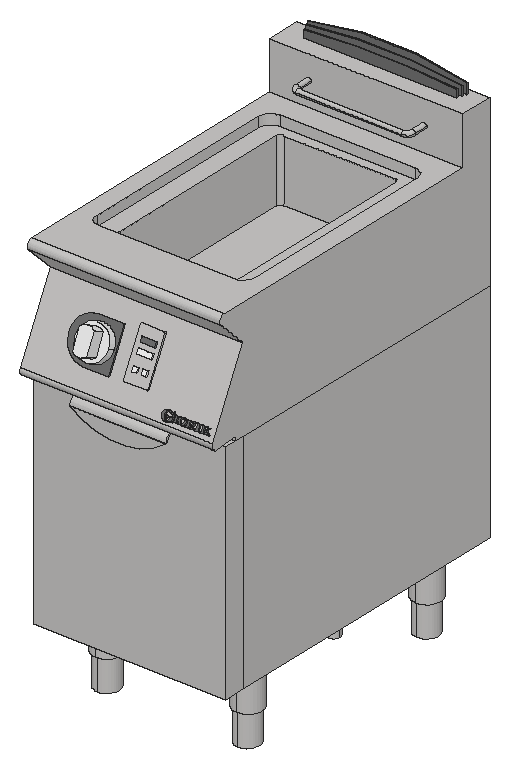
Revit family "QF_GIORIK_FE7117M", category Specialty Equipment, Revit 2014
Parameters (values of type "FE7117M")
  Weight in Pounds = 121.2541
  Watts = 16500 W
  Volts = 400 V
  URL Cutsheet = "www.giorik.com"
  URL = "www.giorik.com"
  Status [instance] = ""
  Specification by User [instance] = ""
  Specification by Manufacturer = ""
  Show Logo [instance] = yes
  Show Clearance [instance] = yes
  Serial Number = ""
  Seismic Rating = ""
  SMACNA No = ""
  Revision Code [instance] = ""
  Phase = 3
  Number of Poles [instance] = 3
  NAFEM Spec ID Number = ""
  Model = "FE7117M"
  Min Ckt Ampacity = 0 A
  Max Overcurrent Protection = 0 A
  Masterspec = ""
  Manufacturer = "GIORIK"
  Item Number [instance] = ""
  Installed By [instance] = ""
  Identify Quantity as Lot [instance] = no
  HP = "22.126830000000"
  Furnished By [instance] = ""
  Foodservice Equipment Identifier [instance] = yes
  FL Amps = 0 A
  Electrical Remarks [instance] = ""
  Electric Connection Type [instance] = ""
  Elec Conn RI Height [instance] = 0 mm
  Elec Conn Connection Height [instance] = 150 mm
  Description = "17 LITRE MELTING ELECTRIC FRYER."
  Cycle = 50 Hz
  Conn Plug = ""
  CSI MasterFormat = ""
  Assembly Code = "E1090320"
  Apparent Power = 16500 VA
Reference planes
  plane 1 "Back": y = 0
  plane 2: z = 0
  plane 3 "Left": x = 0
  plane 4 "Right": x = 400
  plane 5 "Front": y = -720
  plane 6 "Top": z = 900
Forms (mm)
  Extrusion 1, solid, visible <- "Show Logo"
    sketch origin (196.604, -736.761, 609.486) x (-1, 0, 0) y (0, 0.452718, 0.891654)
      loop
        line (-118.824, 58.358) -> (-127.804, 58.358) -> (-125.523, 56.445) -> (-125.523, 48.027) -> (-127.804, 46.113) -> (-118.824, 46.113) -> (-121.105, 48.027) -> (-121.105, 56.445) -> (-118.824, 58.358)
      loop
        line (-163.721, 58.358) -> (-172.7, 58.358) -> (-170.42, 56.445) -> (-170.42, 48.027) -> (-172.7, 46.113) -> (-163.721, 46.113) -> (-166.001, 48.027) -> (-166.001, 56.445) -> (-163.721, 58.358)
      loop
        line (-174.332, 58.358) -> (-183.312, 58.358) -> (-181.031, 56.445) -> (-181.031, 52.435) -> (-186.419, 56.955) -> (-184.416, 58.358) -> (-191.268, 58.358) -> (-188.01, 56.839) -> (-185.455, 54.283) -> (-190.846, 47.858) -> (-193.396, 46.93) -> (-193.396, 46.113) -> (-184.416, 46.113) -> (-185.437, 47.571) -> (-182.443, 51.552) -> (-181.031, 50.894) -> (-181.031, 48.027) -> (-183.312, 46.113) -> (-174.332, 46.113) -> (-176.613, 48.027) -> (-176.613, 56.445) -> (-174.332, 58.358)
      loop
        line (-115.429, 62.063) -> (-115.429, 54.198)
        arc (-115.429, 54.198) -> (-111.618, 57.803) -> (-106.847, 59.986) r 16.039
        arc (-106.847, 59.986) -> (-103.314, 59.837) -> (-100.512, 57.68) r 5.851
        arc (-100.512, 57.68) -> (-98.815, 52.267) -> (-100.512, 46.853) r 9.479
        arc (-100.512, 46.853) -> (-102.406, 44.986) -> (-104.846, 43.93) r 7.236
        arc (-104.846, 43.93) -> (-107.728, 44.111) -> (-110.052, 45.825) r 5.11
        line (-110.052, 45.825) -> (-110.052, 52.001) -> (-116.141, 52.001) -> (-116.141, 45.503) -> (-117.893, 43.751) -> (-114.094, 44.769)
        arc (-114.094, 44.769) -> (-112.56, 44.947) -> (-111.129, 44.366) r 3.115
        arc (-111.129, 44.366) -> (-104.216, 42.091) -> (-97.303, 44.366) r 11.641
        arc (-97.303, 44.366) -> (-93.396, 52.107) -> (-97.303, 59.849) r 9.622
        arc (-97.303, 59.849) -> (-104.369, 62.174) -> (-111.435, 59.849) r 11.898
        line (-111.435, 59.849) -> (-115.429, 62.063)
      loop
        arc (-129.234, 56.068) -> (-135.893, 58.628) -> (-142.552, 56.068) r 9.941
        arc (-142.552, 56.068) -> (-144.234, 52.286) -> (-142.552, 48.505) r 5.093
        arc (-142.552, 48.505) -> (-135.893, 45.945) -> (-129.234, 48.505) r 9.941
        arc (-129.234, 48.505) -> (-127.552, 52.286) -> (-129.234, 56.068) r 5.093
      loop
        arc (-132.628, 54.403) -> (-135.893, 57.668) -> (-139.158, 54.403) r 3.265
        line (-139.158, 54.403) -> (-139.158, 50.169)
        arc (-139.158, 50.169) -> (-135.893, 46.904) -> (-132.628, 50.169) r 3.265
        line (-132.628, 50.169) -> (-132.628, 54.403)
      loop
        arc (-156.363, 58.365) -> (-159.647, 55.081) -> (-156.363, 51.796) r 3.285
        line (-156.363, 51.796) -> (-159.529, 47.306) -> (-162.087, 46.113) -> (-155.847, 46.113) -> (-153.529, 51.083) -> (-150.637, 51.083) -> (-150.637, 47.784) -> (-153.022, 46.113) -> (-144.011, 46.113) -> (-146.094, 47.68) -> (-146.094, 56.493) -> (-144.229, 58.365) -> (-156.363, 58.365)
      loop
        line (-150.637, 57.512) -> (-153.637, 57.512)
        arc (-153.637, 57.512) -> (-156.237, 54.912) -> (-153.637, 52.312) r 2.6
        line (-153.637, 52.312) -> (-150.637, 52.312) -> (-150.637, 57.512)
      loop
        line (-108.924, 52.001) -> (-104.936, 49.005) -> (-100.948, 52.001) -> (-108.924, 52.001)
    from 1.5 to -0.5
  Extrusion 2, solid
    sketch origin (-16, 1025.81, 0) x (1, 0, 0) y (0, 1, 0)
      loop
        line (25, -1086.81) -> (25, -1156.81) -> (115, -1156.81) -> (115, -1086.81) -> (25, -1086.81)
    from 148 to 150
  Extrusion 3, solid
    sketch origin (0, 1000, -20) x (0, 1, 0) y (0, 0, 1)
      loop
        line (-1000, 989.988) -> (-1070, 989.988) -> (-1070, 889.988) -> (-1688.806, 889.988)
        arc (-1688.806, 889.988) -> (-1699.151, 883.075) -> (-1696.724, 870.873) r 11.197
        line (-1696.724, 870.873) -> (-1640.876, 815.025) -> (-1718.948, 661.258)
        arc (-1718.948, 661.258) -> (-1718.233, 650.105) -> (-1708.118, 645.354) r 10.981
        line (-1708.118, 645.354) -> (-1660, 649.925) -> (-1660, 640) -> (-1000, 640) -> (-1000, 989.988)
    from 0 to 400
  Extrusion 4, solid
    sketch origin (0, 0, 599.536) x (1, 0, 0) y (0, 1, 0)
      loop
        line (0, -640) -> (40, -640) -> (40, -40) -> (360, -40) -> (360, -640) -> (400, -640) -> (400, 0) -> (0, 0) -> (0, -640)
    from -449.536 to 20.464
  Extrusion 5, solid
    sketch origin (0, 0, 0) x (1, 0, 0) y (0, 1, 0)
      loop
        line (40, -40) -> (40, -640) -> (360, -640) -> (360, -40) -> (40, -40)
    from 150 to 190
  Extrusion 6, solid
    sketch origin (-16, 560.81, 0) x (1, 0, 0) y (0, 1, 0)
      loop
        line (25, -1086.81) -> (25, -1156.81) -> (115, -1156.81) -> (115, -1086.81) -> (25, -1086.81)
    from 148 to 150
  Revolve 7, solid
    sketch origin (54, 560.81, 0) x (0, 1, 0) y (0, 0, 1)
      loop
        line (-1092.56, 66) -> (-1092.56, 148) -> (-1121.81, 148) -> (-1121.81, 0) -> (-1096.81, 0) -> (-1096.81, 66) -> (-1092.56, 66)
      axis (-1121.81, 0) -> (-1121.81, 148)
    angle from 0 to 360
  Revolve 8, solid
    sketch origin (54, 1025.81, 0) x (0, 1, 0) y (0, 0, 1)
      loop
        line (-1092.56, 66) -> (-1092.56, 148) -> (-1121.81, 148) -> (-1121.81, 0) -> (-1096.81, 0) -> (-1096.81, 66) -> (-1092.56, 66)
      axis (-1121.81, 0) -> (-1121.81, 148)
    angle from 0 to 360
  Extrusion 9, solid
    sketch origin (416, 560.81, 0) x (-1, 0, 0) y (0, -1, 0)
      loop
        line (25, 1086.81) -> (115, 1086.81) -> (115, 1156.81) -> (25, 1156.81) -> (25, 1086.81)
    from 148 to 150
  Revolve 10, solid
    sketch origin (346, 560.81, 0) x (0, 1, 0) y (0, 0, -1)
      loop
        line (-1092.56, -66) -> (-1096.81, -66) -> (-1096.81, 0) -> (-1121.81, 0) -> (-1121.81, -148) -> (-1092.56, -148) -> (-1092.56, -66)
      axis (-1121.81, 0) -> (-1121.81, -148)
    angle from 0 to 360
  Extrusion 11, solid
    sketch origin (416, -1217.81, 0) x (-1, 0, 0) y (0, -1, 0)
      loop
        line (25, -1086.81) -> (25, -1156.81) -> (115, -1156.81) -> (115, -1086.81) -> (25, -1086.81)
    from 148 to 150
  Revolve 12, solid
    sketch origin (346, -1217.81, 0) x (0, -1, 0) y (0, 0, 1)
      loop
        line (-1092.56, 66) -> (-1092.56, 148) -> (-1121.81, 148) -> (-1121.81, 0) -> (-1096.81, 0) -> (-1096.81, 66) -> (-1092.56, 66)
      axis (-1121.81, 0) -> (-1121.81, 148)
    angle from 0 to 360
  Extrusion 13, solid
    sketch origin (-293.221, -963.345, 52.363) x (1, 0, 0) y (0, 0.452718, 0.891654)
      loop
        line (463.221, 676.25) -> (463.221, 766.25) -> (409.698, 766.25)
        arc (409.698, 766.25) -> (364.698, 721.25) -> (409.698, 676.25) r 45
        line (409.698, 676.25) -> (463.221, 676.25)
    from 48 to 50
  Extrusion 14, solid
    sketch origin (481.331, -1008.697, 74.959) x (-1, 0, 0) y (0, -0.45351, -0.891251)
      loop
        circle (351.331, -721.346) r 35
    from 0 to 15
  Extrusion 15, solid
    sketch origin (481.331, -1008.697, 74.959) x (-1, 0, 0) y (0, -0.45351, -0.891251)
      loop
        arc (336.331, -743.846) -> (351.331, -748.846) -> (366.331, -743.846) r 25
        line (366.331, -743.846) -> (366.331, -698.846)
        arc (366.331, -698.846) -> (351.331, -693.846) -> (336.331, -698.846) r 25
        line (336.331, -698.846) -> (336.331, -743.846)
    from 15 to 40
  Extrusion 16, solid
    sketch origin (-94, 0, 59.999) x (1, 0, 0) y (0, 0, 1)
      loop
        line (135, 909.989) -> (453, 909.989) -> (453, 925.527) -> (347.056, 931.749) -> (240.944, 931.749) -> (135, 925.527) -> (135, 909.989)
    from 32 to 35
  Extrusion 17, solid
    sketch origin (-92, 10, 59.999) x (1, 0, 0) y (0, 0, 1)
      loop
        line (454, 909.989) -> (454, 928.527) -> (346.162, 939.193) -> (237.838, 939.193) -> (130, 928.527) -> (130, 909.989) -> (454, 909.989)
    from 32 to 35
  Extrusion 18, solid
    sketch origin (-90, 20, 59.999) x (1, 0, 0) y (0, 0, 1)
      loop
        line (455, 909.989) -> (455, 930.527) -> (345.396, 947.413) -> (234.604, 947.413) -> (125, 930.527) -> (125, 909.989) -> (455, 909.989)
    from 32 to 35
  Extrusion 19, void
    sketch origin (0, 0, 819.988) x (0, 1, 0) y (-1, 0, 0)
      loop
        arc (-120, -60) -> (-127.322, -42.322) -> (-145, -35) r 25
        line (-145, -35) -> (-565.002, -35)
        arc (-565.002, -35) -> (-582.68, -42.322) -> (-590.002, -60) r 25
        line (-590.002, -60) -> (-590.002, -340)
        arc (-590.002, -340) -> (-582.68, -357.678) -> (-565.002, -365) r 25
        line (-565.002, -365) -> (-145, -365)
        arc (-145, -365) -> (-127.322, -357.678) -> (-120, -340) r 25
        line (-120, -340) -> (-120, -60)
    from -100 to 50
  Extrusion 20, solid
    sketch origin (0, 0, 900) x (0, 1, 0) y (-1, 0, 0)
      loop
        arc (-120, -60) -> (-127.322, -42.322) -> (-145, -35) r 25
        line (-145, -35) -> (-565.002, -35)
        arc (-565.002, -35) -> (-582.68, -42.322) -> (-590.002, -60) r 25
        line (-590.002, -60) -> (-590.002, -340)
        arc (-590.002, -340) -> (-582.68, -357.678) -> (-565.002, -365) r 25
        line (-565.002, -365) -> (-145, -365)
        arc (-145, -365) -> (-127.322, -357.678) -> (-120, -340) r 25
        line (-120, -340) -> (-120, -60)
      loop
        arc (-140, -85.011) -> (-142.929, -77.94) -> (-150, -75.011) r 10
        line (-150, -75.011) -> (-555.002, -75.011)
        arc (-555.002, -75.011) -> (-562.073, -77.94) -> (-565.002, -85.011) r 10
        line (-565.002, -85.011) -> (-565.002, -315)
        arc (-565.002, -315) -> (-562.073, -322.071) -> (-555.002, -325) r 10
        line (-555.002, -325) -> (-150, -325)
        arc (-150, -325) -> (-142.929, -322.071) -> (-140, -315) r 10
        line (-140, -315) -> (-140, -85.011)
    from -180.012 to -50
  Extrusion 21, solid
    sketch origin (0, -725, 0) x (1, 0, 0) y (0, 0, 1)
      loop
        line (0, 620) -> (0, 150) -> (400, 150) -> (400, 620) -> (0, 620)
    from -85 to -40
  Extrusion 22, solid
    sketch origin (2.5, -725, -20.1) x (0, 1, 0) y (0, 0, 1)
      loop
        arc (25, 640.1) -> (14.393, 635.707) -> (10, 625.1) r 15
        line (10, 625.1) -> (12, 625.1)
        arc (12, 625.1) -> (15.808, 634.292) -> (25, 638.1) r 13
        line (25, 638.1) -> (40, 638.1) -> (40, 640.1) -> (25, 640.1)
    from 97.5 to 297.5
  Extrusion 23, solid
    sketch origin (2.5, -724.905, -20.1) x (1, 0, 0) y (0, 0, 1)
      loop
        arc (97.5, 625.1) -> (197.5, 590.089) -> (297.5, 625.1) r 160.316
        line (297.5, 625.1) -> (97.5, 625.1)
    from -11.905 to -9.905
  Extrusion 24, solid, visible <- "Show Clearance", detail levels coarse
    sketch origin (395, -725, 0) x (-1, 0, 0) y (0, -1, 0)
      loop
        line (-5, -40) -> (395, -40)
        arc (395, -40) -> (277.534, 241.069) -> (-5, 354.968) r 395
        line (-5, 354.968) -> (-5, -40)
    from 150 to 620
  Extrusion 25, solid
    sketch origin (0, 0, 100) x (0, 1, 0) y (-1, 0, 0)
      loop
        circle (-380, -380) r 12.5
    from 30 to 50
  Sweep 26, solid
    path origin (0, 0, 919.988) x (0, 1, 0) y (-1, 0, 0)
      loop
        line (-70, -80) -> (-100, -80)
        arc (-100, -80) -> (-107.071, -82.929) -> (-110, -90) r 10
        line (-110, -90) -> (-110, -310)
        arc (-110, -310) -> (-107.071, -317.071) -> (-100, -320) r 10
        line (-100, -320) -> (-70, -320)
    profile origin (80, -85, 919.988) x (1, 0, 0) y (0, 0, 1)
      loop
        circle (0, 0) r 5
  Extrusion 27, solid
    sketch origin (-324.127, -1033.637, 21.856) x (1, 0, 0) y (0, 0.453086, 0.891467)
      loop
        arc (527.687, 837.056) -> (525.919, 836.323) -> (525.187, 834.556) r 2.5
        line (525.187, 834.556) -> (525.187, 739.556)
        arc (525.187, 739.556) -> (525.919, 737.788) -> (527.687, 737.056) r 2.5
        line (527.687, 737.056) -> (572.687, 737.056)
        arc (572.687, 737.056) -> (574.454, 737.788) -> (575.187, 739.556) r 2.5
        line (575.187, 739.556) -> (575.187, 834.556)
        arc (575.187, 834.556) -> (574.454, 836.323) -> (572.687, 837.056) r 2.5
        line (572.687, 837.056) -> (527.687, 837.056)
    from 0 to 2
  Extrusion 28, solid
    sketch origin (-322.169, -1027.435, 34.058) x (1, 0, 0) y (0, 0.453086, 0.891467)
      loop
        line (533.229, 803.367) -> (533.229, 793.367) -> (563.229, 793.367) -> (563.229, 803.367) -> (533.229, 803.367)
    from 0 to 3
  Extrusion 29, solid
    sketch origin (-322.169, -1029.701, 29.601) x (1, 0, 0) y (0, 0.453086, 0.891467)
      loop
        line (533.229, 758.367) -> (533.229, 748.367) -> (543.229, 748.367) -> (543.229, 758.367) -> (533.229, 758.367)
    from 0 to 3
  Extrusion 30, solid
    sketch origin (-322.169, -1036.497, 16.229) x (1, 0, 0) y (0, 0.453086, 0.891467)
      loop
        line (533.229, 803.367) -> (533.229, 793.367) -> (563.229, 793.367) -> (563.229, 803.367) -> (533.229, 803.367)
    from 0 to 3
  Extrusion 31, solid
    sketch origin (-302.169, -1029.701, 29.601) x (1, 0, 0) y (0, 0.453086, 0.891467)
      loop
        line (533.229, 758.367) -> (533.229, 748.367) -> (543.229, 748.367) -> (543.229, 758.367) -> (533.229, 758.367)
    from 0 to 3
Cuts and joins
  Extrusion 19 cuts Extrusion 3
Lines and regions (mm)
  symbolic lines, style "200-EquipBorder-2D"
    curve 1: line (0, -720, 0) -> (400, -720, 0)
    curve 2: line (400, -720, 0) -> (400, 0, 0)
    curve 3: line (400, 0, 0) -> (0, 0, 0)
    curve 4: line (0, 0, 0) -> (0, -720, 0)
  symbolic lines, style "200-EquipInternal-2D"
    curve 5: line (35, -12, 900) -> (365, -12, 900)
    curve 6: line (365, -12, 900) -> (365, -15, 900)
    curve 7: line (365, -15, 900) -> (35, -15, 900)
    curve 8: line (35, -15, 900) -> (35, -12, 900)
    curve 9: line (38, -22, 900) -> (362, -22, 900)
    curve 10: line (362, -22, 900) -> (362, -25, 900)
    curve 11: line (362, -25, 900) -> (38, -25, 900)
    curve 12: line (38, -25, 900) -> (38, -22, 900)
    curve 13: line (41, -32, 900) -> (359, -32, 900)
    curve 14: line (359, -32, 900) -> (359, -35, 900)
    curve 15: line (359, -35, 900) -> (41, -35, 900)
    curve 16: line (41, -35, 900) -> (41, -32, 900)
    curve 17: line (340, -120, 900) -> (60, -120, 900)
    curve 18: arc (60, -120, 900) -> (42.322, -127.322, 900) -> (35, -145, 900) r 25
    curve 19: line (35, -145, 900) -> (35, -565, 900)
    curve 20: arc (365, -145, 900) -> (357.678, -127.322, 900) -> (340, -120, 900) r 25
    curve 21: arc (340, -590, 900) -> (357.633, -582.723, 900) -> (365, -565.128, 900) r 25
    curve 22: line (60, -590, 900) -> (340, -590, 900)
    curve 23: arc (35, -565, 900) -> (42.322, -582.678, 900) -> (60, -590, 900) r 25
    curve 24: line (365, -565.128, 900) -> (365, -145, 900)
    curve 27: line (85, -140, 900) -> (315, -140, 900)
    curve 28: line (325, -150, 900) -> (325, -555.002, 900)
    curve 29: line (75, -555.002, 900) -> (75, -150, 900)
    curve 30: line (315, -565.002, 900) -> (85, -565.002, 900)
    curve 31: arc (85, -140, 900) -> (77.929, -142.929, 900) -> (75, -150, 900) r 10
    curve 32: arc (315, -140, 900) -> (322.071, -142.929, 900) -> (325, -150, 900) r 10
    curve 33: arc (75, -555.002, 900) -> (77.929, -562.073, 900) -> (85, -565.002, 900) r 10
    curve 34: arc (315, -565.002, 900) -> (322.071, -562.073, 900) -> (325, -555.002, 900) r 10
    curve 35: line (75, -70, 900) -> (75, -99.667, 900)
    curve 36: line (85, -100, 900) -> (85, -70, 900)
    curve 37: line (89.989, -104.989, 900) -> (310.27, -104.989, 900)
    curve 38: line (315.032, -100.227, 900) -> (315.032, -70, 900)
    curve 39: line (325.032, -70, 900) -> (325.032, -100.301, 900)
    curve 40: line (310.333, -115, 900) -> (90.333, -115, 900)
    curve 41: arc (90.333, -115, 900) -> (79.491, -110.509, 900) -> (75, -99.667, 900) r 15.333
    curve 42: arc (85, -100, 900) -> (86.461, -103.528, 900) -> (89.989, -104.989, 900) r 4.989
    curve 43: arc (310.333, -115, 900) -> (320.727, -110.695, 900) -> (325.032, -100.301, 900) r 14.699
    curve 44: arc (315.032, -100.227, 900) -> (313.637, -103.594, 900) -> (310.27, -104.989, 900) r 4.762
    curve 45: line (0, -70, 900) -> (400, -70, 900)
  symbolic lines, style "QF_Door-Drawer Clearances", visible <- "Show Clearance", detail levels coarse
    curve 25: arc (400, -1079.968, 0) -> (130.204, -978.101, 0) -> (1.554, -720, 0) r 395
    curve 26: line (400, -720, 0) -> (400, -1079.968, 0)
Dimensions and locks
  plane 3 "Left" to plane 4 "Right" = 400 mm
  plane 5 "Front" to plane 1 "Back" = 720 mm
  plane 4 "Right" to plane 3 "Left" = 400 mm
  plane 1 "Back" to plane 5 "Front" = 720 mm
  plane 6 "Top" to level = 900 mm  (x2)
  aligned and locked: level to plane 2
Connectors
  electrical at (380, -380, 130), driven by "Apparent Power", driven by "Volts", driven by "Number of Poles"
    settings: on Extrusion 25, index 1, voltage 400 V, apparent load 0 VA, apparent load phase1 16500 VA, apparent load phase2 0 VA, apparent load phase3 0 VA, power factor 1, load classification "Other", number of poles 3, system type 31, power factor state 1, is connector primary yes, connector utility no, sub classification motor no, connector description "Electrical connection"
